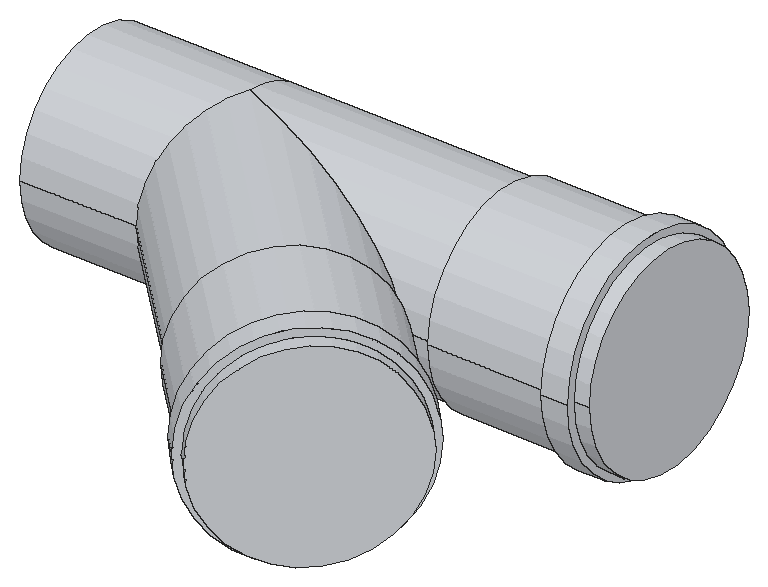
Revit family "Redução de Wye - PVC - SW", category Conexões de tubo, Revit 2019
Family settings
  Cota do conector redondo = Usar raio
  Tipo de parte = Ipsílon
  Com base no plano de trabalho = Não
  Sempre na vertical = Sim
  Corte com vazios quando carregada = Não
  Compartilhado = Não
Parameters (values of type "Padrão")
  Tamanho da marca de cota 2 [instance] = 0.4 * Diâmetro externo do anel 2  # 21.12 mm
  Tamanho da marca de cota 1 [instance] = 0.4 * Diâmetro externo do anel 1  # 21.12 mm
  Raio externo do soquete 2 [instance] = Diâmetro externo do soquete 2 / 2  # 24.544 mm
  Raio externo do soquete 1 [instance] = Diâmetro externo do soquete 1 / 2  # 24.544 mm
  Diâmetro externo do soquete 2 [instance] = Diâmetro externo da conexão 2 * 1.05  # 49.087 mm
  Diâmetro externo do soquete 1 [instance] = Diâmetro externo da conexão 1 * 1.05  # 49.087 mm
  Profundidade do soquete 2 [instance] = size_lookup(Nome da tabela de pesquisa, "SDpt", 0.953 * Diâmetro nominal 2 + 1.30 mm, Diâmetro nominal 2)  # 40 mm
  Profundidade do soquete 1 [instance] = size_lookup(Nome da tabela de pesquisa, "SDpt", 0.953 * Diâmetro nominal 1 + 1.30 mm, Diâmetro nominal 1)  # 40 mm
  Profundidade do anel 2 [instance] = size_lookup(Nome da tabela de pesquisa, "RDpt", 0.0516 * Diâmetro nominal 2 + 4.60 mm, Diâmetro nominal 2)  # 6.6 mm
  Profundidade do anel 1 [instance] = size_lookup(Nome da tabela de pesquisa, "RDpt", 0.0516 * Diâmetro nominal 1 + 4.60 mm, Diâmetro nominal 1)  # 6.6 mm
  Anel elevado 2 [instance] = Profundidade do soquete 2 * 0.1  # 4 mm
  Anel elevado 1 [instance] = Profundidade do soquete 1 * 0.1  # 4 mm
  Diâmetro externo nominal 2 [instance] = size_lookup(Nome da tabela de pesquisa, "NOD", if(Diâmetro nominal 2 > 200.00 mm, Diâmetro nominal 2, Diâmetro nominal 2 + 10.00 mm), Diâmetro nominal 2)  # 50 mm
  Diâmetro externo nominal 1 [instance] = size_lookup(Nome da tabela de pesquisa, "NOD", if(Diâmetro nominal 1 > 200.00 mm, Diâmetro nominal 1, Diâmetro nominal 1 + 10.00 mm), Diâmetro nominal 1)  # 50 mm
  Raio externo do anel 2 [instance] = Diâmetro externo do anel 2 / 2  # 26.4 mm
  Raio externo do anel 1 [instance] = Diâmetro externo do anel 1 / 2  # 26.4 mm
  Diâmetro externo do anel 2 [instance] = size_lookup(Nome da tabela de pesquisa, "ROD", 1.2287 * Diâmetro nominal 2 + 3.30 mm, Diâmetro nominal 1, Diâmetro nominal 2)  # 52.8 mm
  Diâmetro externo do anel 1 [instance] = size_lookup(Nome da tabela de pesquisa, "ROD", 1.2287 * Diâmetro nominal 1 + 3.30 mm, Diâmetro nominal 1, Diâmetro nominal 2)  # 52.8 mm
  Raio nominal 2 [instance] = 20 mm
  Raio nominal 1 [instance] = 20 mm
  Diâmetro nominal 2 [instance] = Raio nominal 2 * 2  # 40 mm
  Diâmetro nominal 1 [instance] = Raio nominal 1 * 2  # 40 mm
  Model = ""
  Manufacturer = ""
  Loss Method = (empty or 0)
  Nome da tabela de pesquisa = "BR_Wye Reduction - PVC - SW"
  K Coefficient Table = (empty or 0)
  Legenda 2 da extremidade do meio para o trecho da extremidade [instance] = Legenda 1 da extremidade do meio para o trecho da extremidade * 0.6  # 38.241 mm
  Extremidade do meio para o trecho da extremidade [instance] = Extremidade para o trecho da extremidade / 2  # 43.75 mm
  Legenda 1 da extremidade do meio para o trecho da extremidade [instance] = if(Extremidade do meio para o trecho da extremidade < Legenda do centro para a ramificação de extremidade * cos(Ângulo 1) + Raio externo do anel 2 * sin(Ângulo 1), Legenda do centro para a ramificação de extremidade * cos(Ângulo 1) + Raio externo do anel 2 * sin(Ângulo 1), Extremidade do meio para o trecho da extremidade)  # 63.735 mm
  Raio externo da conexão 2 [instance] = Diâmetro externo da conexão 2 / 2  # 23.375 mm
  Raio externo da conexão 1 [instance] = Diâmetro externo da conexão 1 / 2  # 23.375 mm
  Diâmetro externo da conexão 2 [instance] = size_lookup(Nome da tabela de pesquisa, "FOD", 1.1404 * Diâmetro nominal 2 + 0.90 mm, Diâmetro nominal 1, Diâmetro nominal 2)  # 46.75 mm
  Diâmetro externo da conexão 1 [instance] = size_lookup(Nome da tabela de pesquisa, "FOD", 1.1404 * Diâmetro nominal 1 + 0.90 mm, Diâmetro nominal 1, Diâmetro nominal 2)  # 46.75 mm
  Extremidade para o trecho da extremidade [instance] = size_lookup(Nome da tabela de pesquisa, "EtER", 1.62 * Diâmetro nominal 1 + 22.60 mm, Diâmetro nominal 1, Diâmetro nominal 2)  # 87.5 mm
  Description = ""
  Legenda do centro para a ramificação de extremidade [instance] = if(Centro para a ramificação de extremidade * sin(Ângulo 1) - Raio externo do anel 2 * cos(Ângulo 1) < Raio externo do anel 1, (Raio externo do anel 1 + Raio externo do anel 2 * cos(Ângulo 1)) / sin(Ângulo 1), Centro para a ramificação de extremidade)  # 63.735 mm
  Centro para a ramificação de extremidade [instance] = size_lookup(Nome da tabela de pesquisa, "CtEB", 0.45 * Diâmetro nominal 1 + 0.5 * Diâmetro nominal 2 + 7.70 mm, Diâmetro nominal 1, Diâmetro nominal 2)  # 47.65 mm
  Ângulo [instance] = 45.00°
  Ângulo 1 [instance] = if(Ângulo > 90.00°, 180.00° - Ângulo, Ângulo)  # 45.00°
Reference planes
  plane 1 "Centro (Frente/Trás)": y = 0
  plane 2: z = 0
  plane 3 "Centro (Esquerda/Direita)": x = 0
  plane 4: x = -38.241
  plane 5: x = 63.735
  plane 6: y = 21.12
  plane 7: y = -21.12
Forms (mm)
  Sweep 1, solid, detail levels fine
    path in 3D
      loop
        line (0, 0, 0) -> (45.068, -45.068, 0)
    profile origin (22.534, -22.534, 0) x (0.707107, 0.707107, 0) y (0, 0, 1)
      loop
        circle (0, 0) r 23.375
  Sweep 2, solid, detail levels fine
    path origin (0, 0, 0) x (1, 0, 0) y (0, 1, 0)
      loop
        line (-38.241, 0) -> (0, 0)
    profile origin (-19.121, 0, 0) x (0, 1, 0) y (0, 0, 1)
      loop
        circle (0, 0) r 23.375
  Sweep 3, solid, detail levels fine
    path origin (0, 0, 0) x (1, 0, 0) y (0, 1, 0)
      loop
        line (0, 0) -> (63.735, 0)
    profile origin (31.868, 0, 0) x (0, 1, 0) y (0, 0, 1)
      loop
        circle (0, 0) r 23.375
  Sweep 4, solid, detail levels fine
    path in 3D
      loop
        line (63.735, 0, 0) -> (103.735, 0, 0)
    profile origin (83.735, 0, 0) x (0, 1, 0) y (0, 0, 1)
      loop
        circle (0, 0) r 24.544
  Sweep 5, solid, detail levels fine
    path origin (0, 0, 0) x (1, 0, 0) y (0, 1, 0)
      loop
        line (99.735, 0) -> (93.135, 0)
    profile origin (96.435, 0, 0) x (0, -1, 0) y (0, 0, 1)
      loop
        circle (0, 0) r 26.4
  Sweep 6, solid, detail levels fine
    path in 3D
      loop
        line (45.068, -45.068, 0) -> (73.352, -73.352, 0)
    profile origin (59.21, -59.21, 0) x (0.707107, 0.707107, 0) y (0, 0, 1)
      loop
        circle (0, 0) r 24.544
  Sweep 7, solid, detail levels fine
    path origin (0, 0, 0) x (1, 0, 0) y (0, 1, 0)
      loop
        line (70.523, -70.523) -> (65.857, -65.857)
    profile origin (68.19, -68.19, 0) x (-0.707107, -0.707107, 0) y (0, 0, 1)
      loop
        circle (0, 0) r 26.4
Cuts and joins
  joined: Sweep 1, Sweep 2, Sweep 3, Sweep 4, Sweep 5, Sweep 6, Sweep 7
Lines and regions (mm)
  model lines, detail levels coarse+medium
    curve 1: line (-38.241, 0, 0) -> (63.735, 0, 0)
    curve 2: line (0, 0, 0) -> (45.068, -45.068, 0)
    curve 4: line (-38.241, 21.12, 0) -> (-38.241, -21.12, 0)
    curve 5: line (63.735, 0, 0) -> (103.735, 0, 0)
    curve 7: line (103.735, 21.12, 0) -> (103.735, -21.12, 0)
    curve 8: line (45.068, -45.068, 0) -> (73.352, -73.352, 0)
    curve 10: line (73.352, -73.352, 0) -> (58.418, -88.286, 0)
    curve 11: line (73.352, -73.352, 0) -> (88.286, -58.418, 0)
  sketch lines
    curve 3: line (0, 0, 0) -> (45.068, -45.068, 0)
    curve 6: line (63.735, 0, 0) -> (103.735, 0, 0)
    curve 9: line (45.068, -45.068, 0) -> (73.352, -73.352, 0)
Dimensions and locks
  "Legenda 2 da extremidade do meio para o trecho da extremidade": plane 4 to plane 3 "Centro (Esquerda/Direita)"
  "Legenda 1 da extremidade do meio para o trecho da extremidade": plane 3 "Centro (Esquerda/Direita)" to plane 5
  "Legenda do centro para a ramificação de extremidade": curve 2 to curve 2
  "Tamanho da marca de cota 1": plane 6 to plane 1 "Centro (Frente/Trás)"
  "Tamanho da marca de cota 1": plane 7 to plane 1 "Centro (Frente/Trás)"
  "Anel elevado 1": Sweep 5 sketch curve to curve 7
  "Profundidade do anel 1": Sweep 5 sketch curve to Sweep 5 sketch curve
  "Profundidade do soquete 1": plane 5 to curve 7
  "Profundidade do soquete 2": curve 8 to curve 8
  "Tamanho da marca de cota 2": curve 8 to curve 11
  "Tamanho da marca de cota 2": curve 10 to curve 8
  "Anel elevado 2": curve 11 to Sweep 7 sketch curve
  "Profundidade do anel 2": Sweep 7 sketch curve to Sweep 7 sketch curve
  "Raio externo da conexão 2": radius of Sweep 1 sketch curve
  "Raio externo da conexão 1": radius of Sweep 2 sketch curve
  "Raio externo da conexão 1": radius of Sweep 3 sketch curve
  "Raio externo do soquete 1": radius of Sweep 4 sketch curve
  "Raio externo do anel 1": radius of Sweep 5 sketch curve
  "Raio externo do soquete 2": radius of Sweep 6 sketch curve
  "Raio externo do anel 2": radius of Sweep 7 sketch curve
  "Ângulo": angle curve 2 to curve 1
  "Ângulo": angle curve 8 to plane 1 "Centro (Frente/Trás)"
  angle curve 11 to curve 8 = 90.00°
  angle curve 8 to curve 10 = 90.00°
  "Ângulo": angle Sweep 7 sketch curve to plane 1 "Centro (Frente/Trás)"
  aligned and locked: plane 1 "Centro (Frente/Trás)" to curve 1
  aligned and locked: plane 2 to Sweep 1 sketch curve
  aligned and locked: plane 3 "Centro (Esquerda/Direita)" to curve 2
  aligned and locked: plane 5 to curve 1
  aligned and locked: plane 4 to curve 1
  aligned and locked: plane 7 to curve 4
  aligned and locked: plane 6 to curve 4
  aligned and locked: curve 4 to plane 4
  aligned and locked: plane 4 to Sweep 2 sketch curve
  aligned and locked: plane 3 "Centro (Esquerda/Direita)" to Sweep 2 sketch curve
  aligned and locked: plane 5 to Sweep 3 sketch curve
  aligned and locked: plane 3 "Centro (Esquerda/Direita)" to Sweep 3 sketch curve
  aligned and locked: plane 7 to curve 7
  aligned and locked: plane 6 to curve 7
  aligned and locked: curve 7 to curve 5
  aligned and locked: curve 11 to curve 10
  aligned and locked: Sweep 7 sketch curve to curve 2
Automatic sketch dimensions
  profile plane to Sweep 1 sketch curve = 0.00 mm
  plane 1 "Centro (Frente/Trás)" to Sweep 2 sketch curve = 0.00 mm
  Sweep 2 sketch curve to level = 0.00 mm
  Sweep 2 sketch curve to profile plane = 0.00 mm
  plane 1 "Centro (Frente/Trás)" to Sweep 3 sketch curve = 0.00 mm
  Sweep 3 sketch curve to level = 0.00 mm
  Sweep 3 sketch curve to profile plane = 0.00 mm
  Sweep 4 sketch curve to profile plane = 0.00 mm  (x2)
  Sweep 5 sketch curve to level = 0.00 mm
  Sweep 5 sketch curve to profile plane = 0.00 mm
  plane 1 "Centro (Frente/Trás)" to Sweep 5 sketch curve = 0.00 mm
  Sweep 6 sketch curve to profile plane = 0.00 mm  (x2)
  level to Sweep 7 sketch curve = 0.00 mm
  Sweep 7 sketch curve to profile plane = 0.00 mm
Connectors
  piping at (-38.241, 0, 0), diameter 40, driven by "Raio nominal 1"
    settings: on cut or joined group of Sweep 1, Sweep 2, Sweep 3, Sweep 4, Sweep 5, Sweep 6, Sweep 7, index 1, connector inside diameter 40 mm, connector length 0.00 mm, flow factor 0, pipe flow 0.0 L/s, pressure drop 0.0 Pa, fitting loss kfactor 0, connector angle 0.00°, fixture units 0, engagement length 0.00 mm, angle of deflection 0.00°, flow configuration 0, flow direction 0, fitting loss method 0, system type 28, joint type 0, gender type 0, connector reference index 2, connector utility 0, adjustable connector no, is connector primary yes, connector description ""
  piping at (103.735, 0, 0), diameter 40, driven by "Raio nominal 1"
    settings: on cut or joined group of Sweep 1, Sweep 2, Sweep 3, Sweep 4, Sweep 5, Sweep 6, Sweep 7, index 2, connector inside diameter 40 mm, connector length 0.00 mm, flow factor 0, pipe flow 0.0 L/s, pressure drop 0.0 Pa, fitting loss kfactor 0, connector angle 0.00°, fixture units 0, engagement length 0.00 mm, angle of deflection 0.00°, flow configuration 0, flow direction 0, fitting loss method 0, system type 28, joint type 0, gender type 0, connector reference index 1, connector utility 0, adjustable connector no, is connector primary no, connector description ""
  piping at (73.352, -73.352, 0), diameter 40, driven by "Raio nominal 2", driven by "Ângulo"
    settings: on cut or joined group of Sweep 1, Sweep 2, Sweep 3, Sweep 4, Sweep 5, Sweep 6, Sweep 7, index 3, connector inside diameter 40 mm, connector length 0.00 mm, flow factor 0, pipe flow 0.0 L/s, pressure drop 0.0 Pa, fitting loss kfactor 0, connector angle 45.00°, fixture units 0, engagement length 0.00 mm, angle of deflection 0.00°, flow configuration 0, flow direction 0, fitting loss method 0, system type 28, joint type 0, gender type 0, connector reference index -1, connector utility 0, adjustable connector no, is connector primary no, connector description ""
